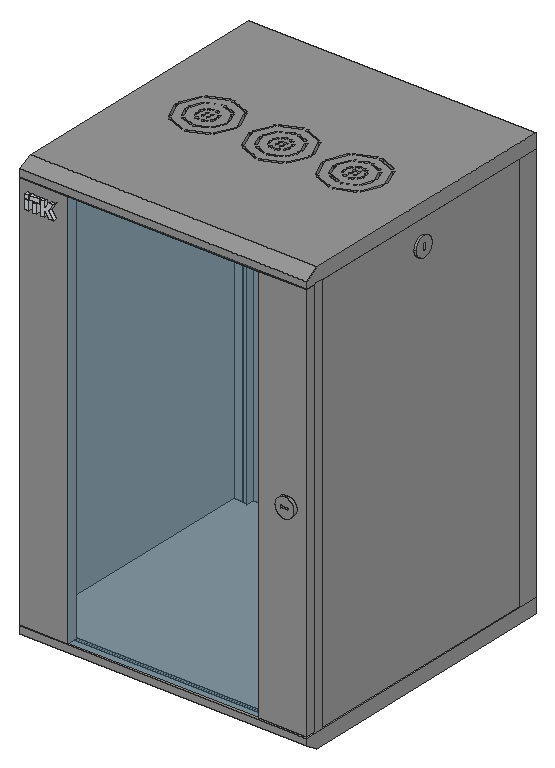
Revit family "Шкафы ITK серия W со стеклянной дверью", category Электрооборудование, Revit 2016
Family settings
  Тип детали = Другая панель
  Размер круглого соединителя = Использовать диаметр
  Номер OmniClass = 23.80.30.11.17
  Заголовок OmniClass = Distribution Boards and Control Panels
  На основе рабочей плоскости = Нет
  Всегда вертикально = Да
  При загрузке вырезать с полостями = Нет
  Общий = Нет
  Точка расчета площади = Нет
Parameters
  Ширина УГО = Ширина / 100  # 6 mm
  Ширина = 600 mm
  Степень защиты = "IP20"
  Смещение УГО по X [instance] = 1000 mm
  Описание = "Настенные шкафы ITK серии LINEA W используются для размещения компактного и не очень тяжелого 19-дюймового коммутационного оборудования и кроссов. Они предназначены для локальных сетей, разворачиваемых в условиях ограниченного пространства и не имеющих специально отведенных под нужды связи помещений. Помимо компактности, удобства размещения и обслуживания, шкафы LINEA W имеют эстетичный внешний вид, что играет немаловажную роль в таких системах.\r\n\r\nКонструктивные особенности настенных шкафов ITK позволяют обслуживать 19-дюймовое оборудование с трех сторон, надежно защищать его от посторонних, обеспечивать хорошую вентиляцию, заводить необходимые кабели и провода как сверху, так и снизу. За счет малого веса и габаритов шкафы LINEA W быстро и легко собираются/разбираются и транспортируются на новое место. Установка шкафов возможна на стене, на полу, на специальной тумбе или столе.\r\nЭргономичный дизайн и эстетичный внешний вид.\r\nСборка одним человеком за 10 минут.\r\nДоступ к оборудованию с трех сторон.\r\nМонтажные профили имеют разметку в юнитах (U).\r\nВвод кабеля сверху и снизу.\r\nХорошая естественная вентиляция, возможность установки вентиляторного модуля в крыше для улучшения температурных показателей.\r\nСтатическая нагрузка 60 кг.\r\nРасширенная базовая комплектация с L-образными уголками для установки оборудования.\r\nСовместимы с аксессуарами ITK для 19-дюймовых шкафов.\r\nЗанимает мало места при транспортировке.\r\nРасширенная гарантия до 10 лет."  # constant formula
  Материал = Окраска - RAL 9005
  Type Comments = ""
  Assembly Code = ""
  Изготовитель = "ITK"  # constant formula
  Засечка УГО = 1.2 mm
  Model = ""
  Глубина УГО = Глубина / 100  # 6 mm
  Глубина = 600 mm
  Высота = 905 mm
  Вид установки = "Настенный"
  URL = "http://www.itk-group.ru/produktsiya/catalog/?page=section&id=462"
  ADSK_Ток = ADSK_Номинальная мощность / (ADSK_Коэффициент мощности * ADSK_Напряжение * sqrt(ADSK_Количество фаз числовое))  # 0.00454545 A
  ADSK_Примечание = ""
  ADSK_Полная мощность = ADSK_Номинальная мощность / ADSK_Коэффициент мощности  # 1 VA
  ADSK_Позиция [instance] = ""
  ADSK_Номинальная мощность = 1 W
  ADSK_Напряжение = 220 V
  ADSK_Наименование краткое = "LWR5-18U66-GF"
  ADSK_Наименование = "ITK Шкаф LINEA W 18U 600x600 мм дверь стекло, RAL9005"
  ADSK_Масса = 0
  ADSK_Марка = "LWR5-18U66-GF"
  ADSK_Коэффициент мощности = 1
  ADSK_Количество фаз числовое = 1
  ADSK_Количество фаз = 1
  ADSK_Код изделия = ""
  ADSK_Классификация нагрузок = Прочее
  ADSK_Завод-изготовитель = "IEK"
  ADSK_Единица измерения = "шт"
  ADSK_Группирование = "I. ЩИТЫ И ПУЛЬТЫ"
Reference planes
  plane 1 "По центру (Вперед/Назад)": y = 0
  plane 2: z = 0
  plane 3 "По центру (Влево/Вправо)": x = 0
  plane 4: x = -300
  plane 5: x = 300
  plane 6: y = 300
  plane 7: y = -300
  plane 8: z = 905
  plane 9: z = 250
  plane 10: z = 50
  plane 11 "Смещение УГО по X": x = -1000
Forms (mm)
  Extrusion 1, solid, detail levels coarse+medium
    sketch origin (0, 0, 0) x (1, 0, 0) y (0, 1, 0)
      loop
        line (-300, 300) -> (-300, -300) -> (300, -300) -> (300, 300) -> (-300, 300)
    from 0 to 905 <- "Высота"
Lines and regions (mm)
  reference lines
    curve 1: line (0, 159.898, 0) -> (0, -160.102, 0)
Dimensions and locks
  equal spacing: plane 7, plane 1 "По центру (Вперед/Назад)", plane 6
  "Глубина": plane 7 to plane 6
  equal spacing: plane 4, plane 3 "По центру (Влево/Вправо)", plane 5
  "Ширина": plane 4 to plane 5
  "Высота": plane 8 to plane 2
  plane 11 "Смещение УГО по X" to plane 3 "По центру (Влево/Вправо)" = 1000 mm
  "Смещение УГО по X": plane 11 "Смещение УГО по X" to curve 1
  aligned and locked: level to plane 2
  aligned and locked: plane 1 "По центру (Вперед/Назад)" to nested 1
  aligned and locked: plane 3 "По центру (Влево/Вправо)" to nested 1
  aligned and locked: plane 3 "По центру (Влево/Вправо)" to nested 2
  aligned and locked: plane 1 "По центру (Вперед/Назад)" to nested 2
  aligned and locked: plane 1 "По центру (Вперед/Назад)" to nested 3
  aligned and locked: plane 3 "По центру (Влево/Вправо)" to nested 3
  aligned and locked: plane 1 "По центру (Вперед/Назад)" to nested 4
  aligned and locked: plane 3 "По центру (Влево/Вправо)" to nested 4
  aligned and locked: plane 1 "По центру (Вперед/Назад)" to nested 5
  aligned and locked: plane 3 "По центру (Влево/Вправо)" to nested 5
  aligned and locked: plane 1 "По центру (Вперед/Назад)" to nested 6
  aligned and locked: nested 6 to curve 1
  aligned and locked: Extrusion 1 sketch curve to plane 4
  aligned and locked: Extrusion 1 sketch curve to plane 6
  aligned and locked: plane 5 to Extrusion 1 sketch curve
  aligned and locked: plane 7 to Extrusion 1 sketch curve
Automatic sketch dimensions
  curve 1 to plane 7 = 139.898 mm
  curve 1 to plane 6 = 140.102 mm
Nested families
  nested 1: "Стойка_комплект 4шт" at (0, 0, 0), type "Стойка_комплект 4шт", detail levels fine
    with Высота 905 mm
  nested 2: "Панель боковая_2шт" at (0, 0, 0), type "Панель боковая_2шт", detail levels fine
    with Глубина 600 mm, Высота 905 mm
  nested 3: "Панель задняя" at (0, 0, 0), type "Панель задняя", detail levels fine
    with Высота 905 mm
  nested 4: "Основание_2шт" at (0, 0, 0), type "Основание_2шт", detail levels fine
    with Высота 905 mm
  nested 5: "Комплект двери стекляной" at (0, 0, 0), type "Комплект двери стекляной", detail levels fine
  nested 6: "УГО (одна дверь)" at (0, 0, 0), type "УГО (одна дверь)", detail levels coarse+medium
    with Глубина УГО 6 mm
Connectors
  electrical at (0, 300, 452.5), driven by "ADSK_Количество фаз", driven by "ADSK_Классификация нагрузок", driven by "ADSK_Напряжение", driven by "ADSK_Полная мощность", driven by "ADSK_Коэффициент мощности"
    settings: on nested 3, index 2, voltage 220 V, apparent load 0 VA, apparent load phase1 1 VA, apparent load phase2 0 VA, apparent load phase3 0 VA, power factor 1, load classification "Прочее", number of poles 1, system type 31, power factor state 1, is connector primary yes, connector utility no, sub classification motor no, connector description ""
Definition of nested family "Стойка_комплект 4шт"
  Parameters
    Ширина = 600 mm
    Материал = none
    Глубина = 600 mm
    Высота = 2200 mm
  Reference planes
    plane 1 "По центру (Вперед/Назад)": y = 0
    plane 2: z = 0
    plane 3 "По центру (Влево/Вправо)": x = 0
    plane 4: x = -300
    plane 5: x = 300
    plane 6: y = 300
    plane 7: y = -300
    plane 8: y = 260
    plane 9: y = -260
    plane 10: x = -260
    plane 11: x = 260
    plane 12: z = 2170
    plane 13: z = 30
    plane 14: z = 2200
  Forms (mm)
    Extrusion 1, solid, material <- "Материал"
      sketch origin (0, 0, 0) x (1, 0, 0) y (0, 1, 0)
        loop
          line (-300, -260) -> (-300, -280) -> (-245, -280) -> (-245, -260) -> (-260, -260) -> (-260, -245) -> (-270, -245) -> (-270, -260) -> (-300, -260)
        loop
          line (300, -260) -> (270, -260) -> (270, -245) -> (260, -245) -> (260, -260) -> (245, -260) -> (245, -280) -> (300, -280) -> (300, -260)
        loop
          line (300, 260) -> (300, 300) -> (260, 300) -> (260, 270) -> (245, 270) -> (245, 260) -> (260, 260) -> (260, 245) -> (270, 245) -> (270, 260) -> (300, 260)
        loop
          line (-300, 260) -> (-270, 260) -> (-270, 245) -> (-260, 245) -> (-260, 260) -> (-245, 260) -> (-245, 270) -> (-260, 270) -> (-260, 300) -> (-300, 300) -> (-300, 260)
        loop
          line (297, 297) -> (263, 297) -> (263, 267) -> (248, 267) -> (248, 263) -> (263, 263) -> (263, 248) -> (267, 248) -> (267, 263) -> (297, 263) -> (297, 297)
        loop
          line (-263, 297) -> (-297, 297) -> (-297, 263) -> (-267, 263) -> (-267, 248) -> (-263, 248) -> (-263, 263) -> (-248, 263) -> (-248, 267) -> (-263, 267) -> (-263, 297)
        loop
          line (-297, -263) -> (-297, -277) -> (-248, -277) -> (-248, -263) -> (-263, -263) -> (-263, -248) -> (-267, -248) -> (-267, -263) -> (-297, -263)
        loop
          line (297, -277) -> (297, -263) -> (267, -263) -> (267, -248) -> (263, -248) -> (263, -263) -> (248, -263) -> (248, -277) -> (297, -277)
      from 30 to 2170
  Dimensions and locks
    equal spacing: plane 7, plane 1 "По центру (Вперед/Назад)", plane 6
    equal spacing: plane 4, plane 3 "По центру (Влево/Вправо)", plane 5
    "Ширина": plane 4 to plane 5
    "Глубина": plane 7 to plane 6
    locked: plane 7 to plane 9 at 40
    locked: plane 6 to plane 8 at 40
    locked: plane 11 to plane 5 at 40
    locked: plane 4 to plane 10 at 40
    plane 14 to plane 12 = 30 mm
    plane 13 to plane 2 = 30 mm
    "Высота": plane 14 to plane 2
    aligned and locked: level to plane 2
    aligned and locked: plane 9 to Extrusion 1 sketch curve
    aligned and locked: plane 4 to Extrusion 1 sketch curve
    aligned and locked: plane 5 to Extrusion 1 sketch curve
    aligned and locked: plane 8 to Extrusion 1 sketch curve  (x2)
    aligned and locked: Extrusion 1 sketch curve to plane 11  (x2)
    aligned and locked: Extrusion 1 sketch curve to plane 6
    aligned and locked: plane 10 to Extrusion 1 sketch curve  (x2)
    aligned and locked: Extrusion 1 sketch curve to plane 8  (x2)
    aligned and locked: plane 6 to Extrusion 1 sketch curve
    aligned and locked: Extrusion 1 sketch curve to plane 4
    aligned and locked: Extrusion 1 sketch curve to plane 5
    aligned and locked: Extrusion 1 sketch curve to plane 9
    aligned and locked: plane 11 to Extrusion 1 sketch curve
    aligned and locked: plane 12 to Extrusion 1
    aligned and locked: Extrusion 1 to plane 13
  Automatic sketch dimensions
    Extrusion 1 sketch curve to plane 10 = 0 mm
    plane 9 to Extrusion 1 sketch curve = 0 mm  (x2)
    plane 4 to Extrusion 1 sketch curve = 3 mm  (x2)
    Extrusion 1 sketch curve to plane 10 = 10 mm  (x2)
    Extrusion 1 sketch curve to Extrusion 1 sketch curve = 3 mm  (x16)
    Extrusion 1 sketch curve to plane 10 = 3 mm  (x3)
    plane 10 to Extrusion 1 sketch curve = 12 mm  (x2)
    Extrusion 1 sketch curve to Extrusion 1 sketch curve = 15 mm  (x2)
    Extrusion 1 sketch curve to plane 11 = 3 mm  (x3)
    Extrusion 1 sketch curve to Extrusion 1 sketch curve = 4 mm  (x4)
    plane 5 to Extrusion 1 sketch curve = 3 mm  (x2)
    plane 9 to Extrusion 1 sketch curve = 3 mm  (x4)
    Extrusion 1 sketch curve to Extrusion 1 sketch curve = 14 mm  (x2)
    Extrusion 1 sketch curve to plane 9 = 12 mm  (x2)
    Extrusion 1 sketch curve to plane 8 = 15 mm  (x2)
    plane 8 to Extrusion 1 sketch curve = 3 mm  (x4)
    Extrusion 1 sketch curve to plane 6 = 3 mm  (x2)
Definition of nested family "Панель боковая_2шт"
  Parameters
    Ширина = 600 mm
    Материал = none
    Глубина = 450 mm
    Высота = 500 mm
  Reference planes
    plane 1 "По центру (Вперед/Назад)": y = 0
    plane 2: z = 0
    plane 3 "По центру (Влево/Вправо)": x = 0
    plane 4: x = -300
    plane 5: x = 300
    plane 6: y = 225
    plane 7: y = -225
    plane 8: y = 185
    plane 9: y = -185
    plane 10: x = -260
    plane 11: x = 260
    plane 12: z = 470
    plane 13: z = 30
    plane 14: z = 467
    plane 15: z = 33
    plane 16: z = 500
    plane 17: z = 420
  Forms (mm)
    Extrusion 1, solid, material <- "Материал"
      sketch origin (0, 0, 0) x (1, 0, 0) y (0, 1, 0)
        loop
          line (-300, 182) -> (-300, -182) -> (-269.98, -182) -> (-269.98, -172) -> (-289.98, -172) -> (-289.98, 172) -> (-270, 172) -> (-270, 182) -> (-300, 182)
        loop
          line (300, 182) -> (269.98, 182) -> (269.98, 172) -> (289.98, 172) -> (289.98, -172) -> (269.98, -172) -> (269.98, -182) -> (300, -182) -> (300, 182)
      from 33 to 467
  Dimensions and locks
    equal spacing: plane 7, plane 1 "По центру (Вперед/Назад)", plane 6
    equal spacing: plane 4, plane 3 "По центру (Влево/Вправо)", plane 5
    "Ширина": plane 4 to plane 5
    "Глубина": plane 7 to plane 6
    locked: plane 7 to plane 9 at 40
    locked: plane 6 to plane 8 at 40
    locked: plane 11 to plane 5 at 40
    locked: plane 4 to plane 10 at 40
    plane 12 to plane 14 = 3 mm
    plane 15 to plane 13 = 3 mm
    plane 16 to plane 12 = 30 mm
    plane 13 to plane 2 = 30 mm
    "Высота": plane 16 to plane 2
    plane 12 to plane 17 = 50 mm
    aligned and locked: level to plane 2
    aligned and locked: plane 4 to Extrusion 1 sketch curve
    aligned and locked: Extrusion 1 sketch curve to plane 5
    aligned and locked: plane 14 to Extrusion 1
    aligned and locked: Extrusion 1 to plane 15
    aligned and locked: nested 2 to plane 1 "По центру (Вперед/Назад)"
    aligned and locked: nested 2 to plane 17
    aligned and locked: nested 1 to plane 17
    aligned and locked: plane 1 "По центру (Вперед/Назад)" to nested 1
  Automatic sketch dimensions
    plane 4 to Extrusion 1 sketch curve = 10.02 mm
    Extrusion 1 sketch curve to plane 10 = 10 mm
    Extrusion 1 sketch curve to plane 10 = 9.98 mm
    Extrusion 1 sketch curve to plane 11 = 9.98 mm  (x2)
    plane 5 to Extrusion 1 sketch curve = 10.02 mm
    Extrusion 1 sketch curve to plane 9 = 13 mm  (x2)
    Extrusion 1 sketch curve to plane 8 = 13 mm  (x2)
    Extrusion 1 sketch curve to plane 9 = 3 mm  (x2)
    Extrusion 1 sketch curve to plane 8 = 3 mm  (x2)
  Nested families
    nested 1: "Замок" at (-300, 0, 420) x (0, -1, 0) z (-1, 0, 0), type "Замок"
    nested 2: "Замок" at (300, 0, 420) x (0, 1, 0) z (1, 0, 0), type "Замок"
  Definition of nested family "Замок"
    Parameters
      Default Elevation = 1219.2 mm
      Материал = none
    Reference planes
      plane 1 "По центру (Вперед/Назад)": y = 0
      plane 2: z = 0
      plane 3 "По центру (Влево/Вправо)": x = 0
    Forms (mm)
      Extrusion 1, solid
        sketch origin (0, 0, 0) x (1, 0, 0) y (0, 1, 0)
          loop
            line (-1219.2, 1219.2) -> (-1219.2, -1219.2) -> (1219.2, -1219.2) -> (1219.2, 1219.2) -> (-1219.2, 1219.2)
        from 0 to -304.8
      Extrusion 2, solid, material <- "Материал"
        sketch origin (0, 0, 0) x (1, 0, 0) y (0, 1, 0)
          loop
            circle (0, 0) r 20
          loop
            line (3, 8.219) -> (-3, 8.219) -> (-3, -8.219) -> (3, -8.219) -> (3, 8.219)
        from 0 to 7
    Dimensions and locks
      aligned and locked: plane 2 to Extrusion 1
      aligned and locked: level to Extrusion 1
Definition of nested family "Панель задняя"
  Parameters
    Ширина = 600 mm
    Материал = none
    Глубина = 600 mm
    Высота = 1800 mm
  Reference planes
    plane 1 "По центру (Вперед/Назад)": y = 0
    plane 2: z = 0
    plane 3 "По центру (Влево/Вправо)": x = 0
    plane 4: x = -300
    plane 5: x = 300
    plane 6: y = 300
    plane 7: y = -300
    plane 8: y = 260
    plane 9: y = -260
    plane 10: x = -260
    plane 11: x = 260
    plane 12: z = 1770
    plane 13: z = 30
    plane 14: z = 1767
    plane 15: z = 33
    plane 16: z = 1800
  Forms (mm)
    Extrusion 1, solid, material <- "Материал"
      sketch origin (0, 0, 0) x (1, 0, 0) y (0, 1, 0)
        loop
          line (-257, 300) -> (-257, 270) -> (-247, 270) -> (-247, 290) -> (247, 290) -> (247, 270) -> (257, 270) -> (257, 300) -> (-257, 300)
      from 33 to 1767
  Dimensions and locks
    equal spacing: plane 7, plane 1 "По центру (Вперед/Назад)", plane 6
    equal spacing: plane 4, plane 3 "По центру (Влево/Вправо)", plane 5
    "Ширина": plane 4 to plane 5
    "Глубина": plane 7 to plane 6
    locked: plane 7 to plane 9 at 40
    locked: plane 6 to plane 8 at 40
    locked: plane 11 to plane 5 at 40
    locked: plane 4 to plane 10 at 40
    plane 12 to plane 14 = 3 mm
    plane 15 to plane 13 = 3 mm
    plane 16 to plane 12 = 30 mm
    plane 13 to plane 2 = 30 mm
    "Высота": plane 16 to plane 2
    aligned and locked: level to plane 2
    aligned and locked: Extrusion 1 sketch curve to plane 6
    aligned and locked: plane 14 to Extrusion 1
    aligned and locked: Extrusion 1 to plane 15
  Automatic sketch dimensions
    plane 10 to Extrusion 1 sketch curve = 3 mm
    Extrusion 1 sketch curve to Extrusion 1 sketch curve = 10 mm
    plane 11 to Extrusion 1 sketch curve = 13 mm
    plane 11 to Extrusion 1 sketch curve = 3 mm
    Extrusion 1 sketch curve to plane 6 = 10 mm
    plane 8 to Extrusion 1 sketch curve = 10 mm  (x2)
Definition of nested family "Основание_2шт"
  Parameters
    Ширина = 600 mm
    Материал = none
    Глубина = 600 mm
    Высота = 1800 mm
  Reference planes
    plane 1 "По центру (Вперед/Назад)": y = 0
    plane 2: z = 0
    plane 3 "По центру (Влево/Вправо)": x = 0
    plane 4: x = -300
    plane 5: x = 300
    plane 6: y = 300
    plane 7: y = -300
    plane 8: y = 260
    plane 9: y = -260
    plane 10: x = -260
    plane 11: x = 260
    plane 12: z = 30
    plane 13: z = 1800
    plane 14: z = 1770
    plane 15: z = 1765
    plane 16: z = 35
    plane 17: z = 1790
  Forms (mm)
    Extrusion 1, solid, material <- "Материал"
      sketch origin (-1511.359, -1524, 1770) x (-1, 0, 0) y (0, -1, 0)
        loop
          line (-1771.359, -1769) -> (-1771.359, -1784) -> (-1756.359, -1784) -> (-1756.359, -1814) -> (-1266.359, -1814) -> (-1266.359, -1784) -> (-1251.359, -1784) -> (-1251.359, -1769) -> (-1221.359, -1769) -> (-1221.359, -1279) -> (-1251.359, -1279) -> (-1251.359, -1264) -> (-1266.359, -1264) -> (-1266.359, -1244) -> (-1756.359, -1244) -> (-1756.359, -1264) -> (-1771.359, -1264) -> (-1771.359, -1279) -> (-1801.359, -1279) -> (-1801.359, -1769) -> (-1771.359, -1769)
      from -5 to 0
    Extrusion 2, solid, material <- "Материал"
      sketch origin (-1511.359, -1524, 384.733) x (0, 1, 0) y (1, 0, 0)
        loop
          line (1769, 1771.359) -> (1769, 1801.359) -> (1279, 1801.359) -> (1279, 1771.359) -> (1264, 1771.359) -> (1264, 1756.359) -> (1244, 1756.359) -> (1244, 1266.359) -> (1264, 1266.359) -> (1264, 1251.359) -> (1279, 1251.359) -> (1279, 1221.359) -> (1769, 1221.359) -> (1769, 1251.359) -> (1784, 1251.359) -> (1784, 1266.359) -> (1814, 1266.359) -> (1814, 1756.359) -> (1784, 1756.359) -> (1784, 1771.359) -> (1769, 1771.359)
      from 349.733 to 354.733
    Extrusion 3, solid, material <- "Материал"
      sketch origin (0, 0, 0) x (0, 1, 0) y (0, 0, 1)
        loop
          line (300, 1800) -> (-273.75, 1800) -> (-300, 1783.75) -> (-300, 1770) -> (300, 1770) -> (300, 1800)
        loop
          line (300, 0) -> (300, 30) -> (-300, 30) -> (-300, 16.25) -> (-273.75, 0) -> (300, 0)
      from -300 to 300
    Extrusion 4, void
      sketch origin (-1511.359, -1524, 1770) x (0, -1, 0) y (-1, 0, 0)
        loop
          arc (-1537.563, -1297.269) -> (-1536.21, -1294.003) -> (-1539.476, -1292.65) r 2.5
          line (-1539.476, -1292.65) -> (-1574.71, -1307.244)
          arc (-1574.71, -1307.244) -> (-1576.063, -1310.511) -> (-1572.797, -1311.864) r 2.5
          line (-1572.797, -1311.864) -> (-1537.563, -1297.269)
        loop
          arc (-1578.515, -1317.582) -> (-1579.868, -1314.315) -> (-1583.134, -1315.668) r 2.5
          line (-1583.134, -1315.668) -> (-1597.729, -1350.902)
          arc (-1597.729, -1350.902) -> (-1596.376, -1354.169) -> (-1593.109, -1352.816) r 2.5
          line (-1593.109, -1352.816) -> (-1578.515, -1317.582)
        loop
          arc (-1593.109, -1360.902) -> (-1596.376, -1359.549) -> (-1597.729, -1362.816) r 2.5
          line (-1597.729, -1362.816) -> (-1583.134, -1398.05)
          arc (-1583.134, -1398.05) -> (-1579.868, -1399.403) -> (-1578.515, -1396.136) r 2.5
          line (-1578.515, -1396.136) -> (-1593.109, -1360.902)
        loop
          arc (-1539.476, -1421.068) -> (-1536.21, -1419.715) -> (-1537.563, -1416.449) r 2.5
          line (-1537.563, -1416.449) -> (-1572.797, -1401.854)
          arc (-1572.797, -1401.854) -> (-1576.063, -1403.207) -> (-1574.71, -1406.474) r 2.5
          line (-1574.71, -1406.474) -> (-1539.476, -1421.068)
        loop
          arc (-1492.329, -1406.474) -> (-1490.976, -1403.207) -> (-1494.242, -1401.854) r 2.5
          line (-1494.242, -1401.854) -> (-1529.476, -1416.449)
          arc (-1529.476, -1416.449) -> (-1530.829, -1419.715) -> (-1527.563, -1421.068) r 2.5
          line (-1527.563, -1421.068) -> (-1492.329, -1406.474)
        loop
          arc (-1469.31, -1362.816) -> (-1470.663, -1359.549) -> (-1473.93, -1360.902) r 2.5
          line (-1473.93, -1360.902) -> (-1488.524, -1396.136)
          arc (-1488.524, -1396.136) -> (-1487.171, -1399.403) -> (-1483.905, -1398.05) r 2.5
          line (-1483.905, -1398.05) -> (-1469.31, -1362.816)
        loop
          arc (-1483.905, -1315.668) -> (-1487.171, -1314.315) -> (-1488.524, -1317.582) r 2.5
          line (-1488.524, -1317.582) -> (-1473.93, -1352.816)
          arc (-1473.93, -1352.816) -> (-1470.663, -1354.169) -> (-1469.31, -1350.902) r 2.5
          line (-1469.31, -1350.902) -> (-1483.905, -1315.668)
        loop
          arc (-1527.563, -1292.65) -> (-1530.829, -1294.003) -> (-1529.476, -1297.269) r 2.5
          line (-1529.476, -1297.269) -> (-1494.242, -1311.864)
          arc (-1494.242, -1311.864) -> (-1490.976, -1310.511) -> (-1492.329, -1307.244) r 2.5
          line (-1492.329, -1307.244) -> (-1527.563, -1292.65)
        loop
          arc (-1527.563, -1314.298) -> (-1530.829, -1315.651) -> (-1529.476, -1318.917) r 2.5
          line (-1529.476, -1318.917) -> (-1509.549, -1327.171)
          arc (-1509.549, -1327.171) -> (-1506.283, -1325.818) -> (-1507.636, -1322.552) r 2.5
          line (-1507.636, -1322.552) -> (-1527.563, -1314.298)
        loop
          arc (-1537.563, -1318.917) -> (-1536.21, -1315.651) -> (-1539.476, -1314.298) r 2.5
          line (-1539.476, -1314.298) -> (-1559.403, -1322.552)
          arc (-1559.403, -1322.552) -> (-1560.756, -1325.818) -> (-1557.489, -1327.171) r 2.5
          line (-1557.489, -1327.171) -> (-1537.563, -1318.917)
        loop
          arc (-1563.208, -1332.889) -> (-1564.561, -1329.623) -> (-1567.827, -1330.976) r 2.5
          line (-1567.827, -1330.976) -> (-1576.081, -1350.902)
          arc (-1576.081, -1350.902) -> (-1574.728, -1354.169) -> (-1571.461, -1352.816) r 2.5
          line (-1571.461, -1352.816) -> (-1563.208, -1332.889)
        loop
          arc (-1571.461, -1360.902) -> (-1574.728, -1359.549) -> (-1576.081, -1362.816) r 2.5
          line (-1576.081, -1362.816) -> (-1567.827, -1382.743)
          arc (-1567.827, -1382.743) -> (-1564.561, -1384.095) -> (-1563.208, -1380.829) r 2.5
          line (-1563.208, -1380.829) -> (-1571.461, -1360.902)
        loop
          arc (-1557.489, -1386.547) -> (-1560.756, -1387.9) -> (-1559.403, -1391.167) r 2.5
          line (-1559.403, -1391.167) -> (-1539.476, -1399.42)
          arc (-1539.476, -1399.42) -> (-1536.21, -1398.067) -> (-1537.563, -1394.801) r 2.5
          line (-1537.563, -1394.801) -> (-1557.489, -1386.547)
        loop
          arc (-1529.476, -1394.801) -> (-1530.829, -1398.067) -> (-1527.563, -1399.42) r 2.5
          line (-1527.563, -1399.42) -> (-1507.636, -1391.167)
          arc (-1507.636, -1391.167) -> (-1506.283, -1387.9) -> (-1509.549, -1386.547) r 2.5
          line (-1509.549, -1386.547) -> (-1529.476, -1394.801)
        loop
          arc (-1503.831, -1380.829) -> (-1502.478, -1384.095) -> (-1499.212, -1382.743) r 2.5
          line (-1499.212, -1382.743) -> (-1490.958, -1362.816)
          arc (-1490.958, -1362.816) -> (-1492.311, -1359.549) -> (-1495.577, -1360.902) r 2.5
          line (-1495.577, -1360.902) -> (-1503.831, -1380.829)
        loop
          arc (-1495.577, -1352.816) -> (-1492.311, -1354.169) -> (-1490.958, -1350.902) r 2.5
          line (-1490.958, -1350.902) -> (-1499.212, -1330.976)
          arc (-1499.212, -1330.976) -> (-1502.478, -1329.623) -> (-1503.831, -1332.889) r 2.5
          line (-1503.831, -1332.889) -> (-1495.577, -1352.816)
        loop
          arc (-1514.519, -1346.283) -> (-1517.786, -1344.93) -> (-1519.139, -1348.196) r 2.5
          line (-1519.139, -1348.196) -> (-1517.225, -1352.816)
          arc (-1517.225, -1352.816) -> (-1513.959, -1354.169) -> (-1512.606, -1350.902) r 2.5
          line (-1512.606, -1350.902) -> (-1514.519, -1346.283)
        loop
          arc (-1554.433, -1350.902) -> (-1553.08, -1354.169) -> (-1549.814, -1352.816) r 2.5
          line (-1549.814, -1352.816) -> (-1547.9, -1348.196)
          arc (-1547.9, -1348.196) -> (-1549.253, -1344.93) -> (-1552.52, -1346.283) r 2.5
          line (-1552.52, -1346.283) -> (-1554.433, -1350.902)
        loop
          arc (-1552.52, -1367.435) -> (-1549.253, -1368.788) -> (-1547.9, -1365.522) r 2.5
          line (-1547.9, -1365.522) -> (-1549.814, -1360.902)
          arc (-1549.814, -1360.902) -> (-1553.08, -1359.549) -> (-1554.433, -1362.816) r 2.5
          line (-1554.433, -1362.816) -> (-1552.52, -1367.435)
        loop
          arc (-1539.476, -1377.773) -> (-1536.21, -1376.42) -> (-1537.563, -1373.153) r 2.5
          line (-1537.563, -1373.153) -> (-1542.182, -1371.24)
          arc (-1542.182, -1371.24) -> (-1545.449, -1372.593) -> (-1544.096, -1375.859) r 2.5
          line (-1544.096, -1375.859) -> (-1539.476, -1377.773)
        loop
          arc (-1522.943, -1375.859) -> (-1521.59, -1372.593) -> (-1524.857, -1371.24) r 2.5
          line (-1524.857, -1371.24) -> (-1529.476, -1373.153)
          arc (-1529.476, -1373.153) -> (-1530.829, -1376.42) -> (-1527.563, -1377.773) r 2.5
          line (-1527.563, -1377.773) -> (-1522.943, -1375.859)
        loop
          arc (-1512.606, -1362.816) -> (-1513.959, -1359.549) -> (-1517.225, -1360.902) r 2.5
          line (-1517.225, -1360.902) -> (-1519.139, -1365.522)
          arc (-1519.139, -1365.522) -> (-1517.786, -1368.788) -> (-1514.519, -1367.435) r 2.5
          line (-1514.519, -1367.435) -> (-1512.606, -1362.816)
        loop
          line (-1522.943, -1337.859) -> (-1527.563, -1335.945)
          arc (-1527.563, -1335.945) -> (-1530.829, -1337.298) -> (-1529.476, -1340.565) r 2.5
          line (-1529.476, -1340.565) -> (-1524.857, -1342.478)
          arc (-1524.857, -1342.478) -> (-1521.59, -1341.125) -> (-1522.943, -1337.859) r 2.5
        loop
          arc (-1537.563, -1340.565) -> (-1536.21, -1337.298) -> (-1539.476, -1335.945) r 2.5
          line (-1539.476, -1335.945) -> (-1544.096, -1337.859)
          arc (-1544.096, -1337.859) -> (-1545.449, -1341.125) -> (-1542.182, -1342.478) r 2.5
          line (-1542.182, -1342.478) -> (-1537.563, -1340.565)
        loop
          circle (-1538.519, -1351.859) r 2.75
        loop
          circle (-1538.519, -1361.859) r 2.75
        loop
          circle (-1528.519, -1361.859) r 2.75
        loop
          circle (-1528.519, -1351.859) r 2.75
        loop
          arc (-1537.563, -1451.769) -> (-1536.21, -1448.503) -> (-1539.476, -1447.15) r 2.5
          line (-1539.476, -1447.15) -> (-1574.71, -1461.744)
          arc (-1574.71, -1461.744) -> (-1576.063, -1465.011) -> (-1572.797, -1466.364) r 2.5
          line (-1572.797, -1466.364) -> (-1537.563, -1451.769)
        loop
          arc (-1578.515, -1472.082) -> (-1579.868, -1468.815) -> (-1583.134, -1470.168) r 2.5
          line (-1583.134, -1470.168) -> (-1597.729, -1505.402)
          arc (-1597.729, -1505.402) -> (-1596.376, -1508.669) -> (-1593.109, -1507.316) r 2.5
          line (-1593.109, -1507.316) -> (-1578.515, -1472.082)
        loop
          arc (-1593.109, -1515.402) -> (-1596.376, -1514.049) -> (-1597.729, -1517.316) r 2.5
          line (-1597.729, -1517.316) -> (-1583.134, -1552.55)
          arc (-1583.134, -1552.55) -> (-1579.868, -1553.903) -> (-1578.515, -1550.636) r 2.5
          line (-1578.515, -1550.636) -> (-1593.109, -1515.402)
        loop
          arc (-1539.476, -1575.568) -> (-1536.21, -1574.215) -> (-1537.563, -1570.949) r 2.5
          line (-1537.563, -1570.949) -> (-1572.797, -1556.354)
          arc (-1572.797, -1556.354) -> (-1576.063, -1557.707) -> (-1574.71, -1560.974) r 2.5
          line (-1574.71, -1560.974) -> (-1539.476, -1575.568)
        loop
          arc (-1492.329, -1560.974) -> (-1490.976, -1557.707) -> (-1494.242, -1556.354) r 2.5
          line (-1494.242, -1556.354) -> (-1529.476, -1570.949)
          arc (-1529.476, -1570.949) -> (-1530.829, -1574.215) -> (-1527.563, -1575.568) r 2.5
          line (-1527.563, -1575.568) -> (-1492.329, -1560.974)
        loop
          arc (-1469.31, -1517.316) -> (-1470.663, -1514.049) -> (-1473.93, -1515.402) r 2.5
          line (-1473.93, -1515.402) -> (-1488.524, -1550.636)
          arc (-1488.524, -1550.636) -> (-1487.171, -1553.903) -> (-1483.905, -1552.55) r 2.5
          line (-1483.905, -1552.55) -> (-1469.31, -1517.316)
        loop
          arc (-1483.905, -1470.168) -> (-1487.171, -1468.815) -> (-1488.524, -1472.082) r 2.5
          line (-1488.524, -1472.082) -> (-1473.93, -1507.316)
          arc (-1473.93, -1507.316) -> (-1470.663, -1508.669) -> (-1469.31, -1505.402) r 2.5
          line (-1469.31, -1505.402) -> (-1483.905, -1470.168)
        loop
          arc (-1527.563, -1447.15) -> (-1530.829, -1448.503) -> (-1529.476, -1451.769) r 2.5
          line (-1529.476, -1451.769) -> (-1494.242, -1466.364)
          arc (-1494.242, -1466.364) -> (-1490.976, -1465.011) -> (-1492.329, -1461.744) r 2.5
          line (-1492.329, -1461.744) -> (-1527.563, -1447.15)
        loop
          arc (-1527.563, -1468.798) -> (-1530.829, -1470.151) -> (-1529.476, -1473.417) r 2.5
          line (-1529.476, -1473.417) -> (-1509.549, -1481.671)
          arc (-1509.549, -1481.671) -> (-1506.283, -1480.318) -> (-1507.636, -1477.052) r 2.5
          line (-1507.636, -1477.052) -> (-1527.563, -1468.798)
        loop
          arc (-1537.563, -1473.417) -> (-1536.21, -1470.151) -> (-1539.476, -1468.798) r 2.5
          line (-1539.476, -1468.798) -> (-1559.403, -1477.052)
          arc (-1559.403, -1477.052) -> (-1560.756, -1480.318) -> (-1557.489, -1481.671) r 2.5
          line (-1557.489, -1481.671) -> (-1537.563, -1473.417)
        loop
          arc (-1563.208, -1487.389) -> (-1564.561, -1484.123) -> (-1567.827, -1485.476) r 2.5
          line (-1567.827, -1485.476) -> (-1576.081, -1505.402)
          arc (-1576.081, -1505.402) -> (-1574.728, -1508.669) -> (-1571.461, -1507.316) r 2.5
          line (-1571.461, -1507.316) -> (-1563.208, -1487.389)
        loop
          arc (-1571.461, -1515.402) -> (-1574.728, -1514.049) -> (-1576.081, -1517.316) r 2.5
          line (-1576.081, -1517.316) -> (-1567.827, -1537.243)
          arc (-1567.827, -1537.243) -> (-1564.561, -1538.595) -> (-1563.208, -1535.329) r 2.5
          line (-1563.208, -1535.329) -> (-1571.461, -1515.402)
        loop
          arc (-1557.489, -1541.047) -> (-1560.756, -1542.4) -> (-1559.403, -1545.667) r 2.5
          line (-1559.403, -1545.667) -> (-1539.476, -1553.92)
          arc (-1539.476, -1553.92) -> (-1536.21, -1552.567) -> (-1537.563, -1549.301) r 2.5
          line (-1537.563, -1549.301) -> (-1557.489, -1541.047)
        loop
          arc (-1529.476, -1549.301) -> (-1530.829, -1552.567) -> (-1527.563, -1553.92) r 2.5
          line (-1527.563, -1553.92) -> (-1507.636, -1545.667)
          arc (-1507.636, -1545.667) -> (-1506.283, -1542.4) -> (-1509.549, -1541.047) r 2.5
          line (-1509.549, -1541.047) -> (-1529.476, -1549.301)
        loop
          arc (-1503.831, -1535.329) -> (-1502.478, -1538.595) -> (-1499.212, -1537.243) r 2.5
          line (-1499.212, -1537.243) -> (-1490.958, -1517.316)
          arc (-1490.958, -1517.316) -> (-1492.311, -1514.049) -> (-1495.577, -1515.402) r 2.5
          line (-1495.577, -1515.402) -> (-1503.831, -1535.329)
        loop
          arc (-1495.577, -1507.316) -> (-1492.311, -1508.669) -> (-1490.958, -1505.402) r 2.5
          line (-1490.958, -1505.402) -> (-1499.212, -1485.476)
          arc (-1499.212, -1485.476) -> (-1502.478, -1484.123) -> (-1503.831, -1487.389) r 2.5
          line (-1503.831, -1487.389) -> (-1495.577, -1507.316)
        loop
          arc (-1514.519, -1500.783) -> (-1517.786, -1499.43) -> (-1519.139, -1502.696) r 2.5
          line (-1519.139, -1502.696) -> (-1517.225, -1507.316)
          arc (-1517.225, -1507.316) -> (-1513.959, -1508.669) -> (-1512.606, -1505.402) r 2.5
          line (-1512.606, -1505.402) -> (-1514.519, -1500.783)
        loop
          arc (-1554.433, -1505.402) -> (-1553.08, -1508.669) -> (-1549.814, -1507.316) r 2.5
          line (-1549.814, -1507.316) -> (-1547.9, -1502.696)
          arc (-1547.9, -1502.696) -> (-1549.253, -1499.43) -> (-1552.52, -1500.783) r 2.5
          line (-1552.52, -1500.783) -> (-1554.433, -1505.402)
        loop
          arc (-1552.52, -1521.935) -> (-1549.253, -1523.288) -> (-1547.9, -1520.022) r 2.5
          line (-1547.9, -1520.022) -> (-1549.814, -1515.402)
          arc (-1549.814, -1515.402) -> (-1553.08, -1514.049) -> (-1554.433, -1517.316) r 2.5
          line (-1554.433, -1517.316) -> (-1552.52, -1521.935)
        loop
          arc (-1539.476, -1532.273) -> (-1536.21, -1530.92) -> (-1537.563, -1527.653) r 2.5
          line (-1537.563, -1527.653) -> (-1542.182, -1525.74)
          arc (-1542.182, -1525.74) -> (-1545.449, -1527.093) -> (-1544.096, -1530.359) r 2.5
          line (-1544.096, -1530.359) -> (-1539.476, -1532.273)
        loop
          arc (-1522.943, -1530.359) -> (-1521.59, -1527.093) -> (-1524.857, -1525.74) r 2.5
          line (-1524.857, -1525.74) -> (-1529.476, -1527.653)
          arc (-1529.476, -1527.653) -> (-1530.829, -1530.92) -> (-1527.563, -1532.273) r 2.5
          line (-1527.563, -1532.273) -> (-1522.943, -1530.359)
        loop
          arc (-1512.606, -1517.316) -> (-1513.959, -1514.049) -> (-1517.225, -1515.402) r 2.5
          line (-1517.225, -1515.402) -> (-1519.139, -1520.022)
          arc (-1519.139, -1520.022) -> (-1517.786, -1523.288) -> (-1514.519, -1521.935) r 2.5
          line (-1514.519, -1521.935) -> (-1512.606, -1517.316)
        loop
          line (-1522.943, -1492.359) -> (-1527.563, -1490.445)
          arc (-1527.563, -1490.445) -> (-1530.829, -1491.798) -> (-1529.476, -1495.065) r 2.5
          line (-1529.476, -1495.065) -> (-1524.857, -1496.978)
          arc (-1524.857, -1496.978) -> (-1521.59, -1495.625) -> (-1522.943, -1492.359) r 2.5
        loop
          arc (-1537.563, -1495.065) -> (-1536.21, -1491.798) -> (-1539.476, -1490.445) r 2.5
          line (-1539.476, -1490.445) -> (-1544.096, -1492.359)
          arc (-1544.096, -1492.359) -> (-1545.449, -1495.625) -> (-1542.182, -1496.978) r 2.5
          line (-1542.182, -1496.978) -> (-1537.563, -1495.065)
        loop
          circle (-1538.519, -1506.359) r 2.75
        loop
          circle (-1538.519, -1516.359) r 2.75
        loop
          circle (-1528.519, -1516.359) r 2.75
        loop
          circle (-1528.519, -1506.359) r 2.75
        loop
          arc (-1537.563, -1606.269) -> (-1536.21, -1603.003) -> (-1539.476, -1601.65) r 2.5
          line (-1539.476, -1601.65) -> (-1574.71, -1616.244)
          arc (-1574.71, -1616.244) -> (-1576.063, -1619.511) -> (-1572.797, -1620.864) r 2.5
          line (-1572.797, -1620.864) -> (-1537.563, -1606.269)
        loop
          arc (-1578.515, -1626.582) -> (-1579.868, -1623.315) -> (-1583.134, -1624.668) r 2.5
          line (-1583.134, -1624.668) -> (-1597.729, -1659.902)
          arc (-1597.729, -1659.902) -> (-1596.376, -1663.169) -> (-1593.109, -1661.816) r 2.5
          line (-1593.109, -1661.816) -> (-1578.515, -1626.582)
        loop
          arc (-1593.109, -1669.902) -> (-1596.376, -1668.549) -> (-1597.729, -1671.816) r 2.5
          line (-1597.729, -1671.816) -> (-1583.134, -1707.05)
          arc (-1583.134, -1707.05) -> (-1579.868, -1708.403) -> (-1578.515, -1705.136) r 2.5
          line (-1578.515, -1705.136) -> (-1593.109, -1669.902)
        loop
          arc (-1539.476, -1730.068) -> (-1536.21, -1728.715) -> (-1537.563, -1725.449) r 2.5
          line (-1537.563, -1725.449) -> (-1572.797, -1710.854)
          arc (-1572.797, -1710.854) -> (-1576.063, -1712.207) -> (-1574.71, -1715.474) r 2.5
          line (-1574.71, -1715.474) -> (-1539.476, -1730.068)
        loop
          arc (-1492.329, -1715.474) -> (-1490.976, -1712.207) -> (-1494.242, -1710.854) r 2.5
          line (-1494.242, -1710.854) -> (-1529.476, -1725.449)
          arc (-1529.476, -1725.449) -> (-1530.829, -1728.715) -> (-1527.563, -1730.068) r 2.5
          line (-1527.563, -1730.068) -> (-1492.329, -1715.474)
        loop
          arc (-1469.31, -1671.816) -> (-1470.663, -1668.549) -> (-1473.93, -1669.902) r 2.5
          line (-1473.93, -1669.902) -> (-1488.524, -1705.136)
          arc (-1488.524, -1705.136) -> (-1487.171, -1708.403) -> (-1483.905, -1707.05) r 2.5
          line (-1483.905, -1707.05) -> (-1469.31, -1671.816)
        loop
          arc (-1483.905, -1624.668) -> (-1487.171, -1623.315) -> (-1488.524, -1626.582) r 2.5
          line (-1488.524, -1626.582) -> (-1473.93, -1661.816)
          arc (-1473.93, -1661.816) -> (-1470.663, -1663.169) -> (-1469.31, -1659.902) r 2.5
          line (-1469.31, -1659.902) -> (-1483.905, -1624.668)
        loop
          arc (-1527.563, -1601.65) -> (-1530.829, -1603.003) -> (-1529.476, -1606.269) r 2.5
          line (-1529.476, -1606.269) -> (-1494.242, -1620.864)
          arc (-1494.242, -1620.864) -> (-1490.976, -1619.511) -> (-1492.329, -1616.244) r 2.5
          line (-1492.329, -1616.244) -> (-1527.563, -1601.65)
        loop
          arc (-1527.563, -1623.298) -> (-1530.829, -1624.651) -> (-1529.476, -1627.917) r 2.5
          line (-1529.476, -1627.917) -> (-1509.549, -1636.171)
          arc (-1509.549, -1636.171) -> (-1506.283, -1634.818) -> (-1507.636, -1631.552) r 2.5
          line (-1507.636, -1631.552) -> (-1527.563, -1623.298)
        loop
          arc (-1537.563, -1627.917) -> (-1536.21, -1624.651) -> (-1539.476, -1623.298) r 2.5
          line (-1539.476, -1623.298) -> (-1559.403, -1631.552)
          arc (-1559.403, -1631.552) -> (-1560.756, -1634.818) -> (-1557.489, -1636.171) r 2.5
          line (-1557.489, -1636.171) -> (-1537.563, -1627.917)
        loop
          arc (-1563.208, -1641.889) -> (-1564.561, -1638.623) -> (-1567.827, -1639.976) r 2.5
          line (-1567.827, -1639.976) -> (-1576.081, -1659.902)
          arc (-1576.081, -1659.902) -> (-1574.728, -1663.169) -> (-1571.461, -1661.816) r 2.5
          line (-1571.461, -1661.816) -> (-1563.208, -1641.889)
        loop
          arc (-1571.461, -1669.902) -> (-1574.728, -1668.549) -> (-1576.081, -1671.816) r 2.5
          line (-1576.081, -1671.816) -> (-1567.827, -1691.743)
          arc (-1567.827, -1691.743) -> (-1564.561, -1693.095) -> (-1563.208, -1689.829) r 2.5
          line (-1563.208, -1689.829) -> (-1571.461, -1669.902)
        loop
          arc (-1557.489, -1695.547) -> (-1560.756, -1696.9) -> (-1559.403, -1700.167) r 2.5
          line (-1559.403, -1700.167) -> (-1539.476, -1708.42)
          arc (-1539.476, -1708.42) -> (-1536.21, -1707.067) -> (-1537.563, -1703.801) r 2.5
          line (-1537.563, -1703.801) -> (-1557.489, -1695.547)
        loop
          arc (-1529.476, -1703.801) -> (-1530.829, -1707.067) -> (-1527.563, -1708.42) r 2.5
          line (-1527.563, -1708.42) -> (-1507.636, -1700.167)
          arc (-1507.636, -1700.167) -> (-1506.283, -1696.9) -> (-1509.549, -1695.547) r 2.5
          line (-1509.549, -1695.547) -> (-1529.476, -1703.801)
        loop
          arc (-1503.831, -1689.829) -> (-1502.478, -1693.095) -> (-1499.212, -1691.743) r 2.5
          line (-1499.212, -1691.743) -> (-1490.958, -1671.816)
          arc (-1490.958, -1671.816) -> (-1492.311, -1668.549) -> (-1495.577, -1669.902) r 2.5
          line (-1495.577, -1669.902) -> (-1503.831, -1689.829)
        loop
          arc (-1495.577, -1661.816) -> (-1492.311, -1663.169) -> (-1490.958, -1659.902) r 2.5
          line (-1490.958, -1659.902) -> (-1499.212, -1639.976)
          arc (-1499.212, -1639.976) -> (-1502.478, -1638.623) -> (-1503.831, -1641.889) r 2.5
          line (-1503.831, -1641.889) -> (-1495.577, -1661.816)
        loop
          arc (-1514.519, -1655.283) -> (-1517.786, -1653.93) -> (-1519.139, -1657.196) r 2.5
          line (-1519.139, -1657.196) -> (-1517.225, -1661.816)
          arc (-1517.225, -1661.816) -> (-1513.959, -1663.169) -> (-1512.606, -1659.902) r 2.5
          line (-1512.606, -1659.902) -> (-1514.519, -1655.283)
        loop
          arc (-1554.433, -1659.902) -> (-1553.08, -1663.169) -> (-1549.814, -1661.816) r 2.5
          line (-1549.814, -1661.816) -> (-1547.9, -1657.196)
          arc (-1547.9, -1657.196) -> (-1549.253, -1653.93) -> (-1552.52, -1655.283) r 2.5
          line (-1552.52, -1655.283) -> (-1554.433, -1659.902)
        loop
          arc (-1552.52, -1676.435) -> (-1549.253, -1677.788) -> (-1547.9, -1674.522) r 2.5
          line (-1547.9, -1674.522) -> (-1549.814, -1669.902)
          arc (-1549.814, -1669.902) -> (-1553.08, -1668.549) -> (-1554.433, -1671.816) r 2.5
          line (-1554.433, -1671.816) -> (-1552.52, -1676.435)
        loop
          arc (-1539.476, -1686.773) -> (-1536.21, -1685.42) -> (-1537.563, -1682.153) r 2.5
          line (-1537.563, -1682.153) -> (-1542.182, -1680.24)
          arc (-1542.182, -1680.24) -> (-1545.449, -1681.593) -> (-1544.096, -1684.859) r 2.5
          line (-1544.096, -1684.859) -> (-1539.476, -1686.773)
        loop
          arc (-1522.943, -1684.859) -> (-1521.59, -1681.593) -> (-1524.857, -1680.24) r 2.5
          line (-1524.857, -1680.24) -> (-1529.476, -1682.153)
          arc (-1529.476, -1682.153) -> (-1530.829, -1685.42) -> (-1527.563, -1686.773) r 2.5
          line (-1527.563, -1686.773) -> (-1522.943, -1684.859)
        loop
          arc (-1512.606, -1671.816) -> (-1513.959, -1668.549) -> (-1517.225, -1669.902) r 2.5
          line (-1517.225, -1669.902) -> (-1519.139, -1674.522)
          arc (-1519.139, -1674.522) -> (-1517.786, -1677.788) -> (-1514.519, -1676.435) r 2.5
          line (-1514.519, -1676.435) -> (-1512.606, -1671.816)
        loop
          line (-1522.943, -1646.859) -> (-1527.563, -1644.945)
          arc (-1527.563, -1644.945) -> (-1530.829, -1646.298) -> (-1529.476, -1649.565) r 2.5
          line (-1529.476, -1649.565) -> (-1524.857, -1651.478)
          arc (-1524.857, -1651.478) -> (-1521.59, -1650.125) -> (-1522.943, -1646.859) r 2.5
        loop
          arc (-1537.563, -1649.565) -> (-1536.21, -1646.298) -> (-1539.476, -1644.945) r 2.5
          line (-1539.476, -1644.945) -> (-1544.096, -1646.859)
          arc (-1544.096, -1646.859) -> (-1545.449, -1650.125) -> (-1542.182, -1651.478) r 2.5
          line (-1542.182, -1651.478) -> (-1537.563, -1649.565)
        loop
          circle (-1538.519, -1660.859) r 2.75
        loop
          circle (-1538.519, -1670.859) r 2.75
        loop
          circle (-1528.519, -1670.859) r 2.75
        loop
          circle (-1528.519, -1660.859) r 2.75
      from -30 to -20
  Cuts and joins
    Extrusion 4 cuts Extrusion 1
    Extrusion 4 cuts Extrusion 3
  Dimensions and locks
    equal spacing: plane 7, plane 1 "По центру (Вперед/Назад)", plane 6
    equal spacing: plane 4, plane 3 "По центру (Влево/Вправо)", plane 5
    "Ширина": plane 4 to plane 5
    "Глубина": plane 7 to plane 6
    locked: plane 7 to plane 9 at 40
    locked: plane 6 to plane 8 at 40
    locked: plane 11 to plane 5 at 40
    locked: plane 4 to plane 10 at 40
    locked: plane 13 to plane 14 at 30
    locked: plane 14 to plane 15 at 5
    locked: plane 16 to plane 12 at 5
    locked: plane 12 to plane 2 at 30
    "Высота": plane 13 to plane 2
    locked: plane 13 to plane 17 at 10
    aligned and locked: level to plane 2
    aligned and locked: plane 9 to Extrusion 1 sketch curve
    aligned and locked: Extrusion 1 sketch curve to plane 9
    aligned and locked: Extrusion 1 sketch curve to plane 10
    aligned and locked: plane 11 to Extrusion 1 sketch curve
    aligned and locked: Extrusion 1 sketch curve to plane 11
    aligned and locked: plane 8 to Extrusion 1 sketch curve
    aligned and locked: Extrusion 1 sketch curve to plane 8
    aligned and locked: plane 10 to Extrusion 1 sketch curve
    aligned and locked: plane 14 to Extrusion 1
    aligned and locked: Extrusion 1 to plane 15
    aligned and locked: Extrusion 2 to plane 12
    aligned and locked: plane 16 to Extrusion 2
    aligned and locked: Extrusion 1 sketch curve to Extrusion 2
    aligned and locked: plane 13 to Extrusion 3 sketch curve
    aligned and locked: plane 6 to Extrusion 3 sketch curve  (x2)
    aligned and locked: Extrusion 3 sketch curve to plane 14
    aligned and locked: plane 7 to Extrusion 3 sketch curve  (x2)
    aligned and locked: plane 12 to Extrusion 3 sketch curve
    aligned and locked: Extrusion 3 sketch curve to plane 2
    aligned and locked: Extrusion 3 to plane 4
    aligned and locked: Extrusion 3 to plane 5
    aligned and locked: plane 13 to Extrusion 4
    aligned and locked: Extrusion 4 to plane 17
  Automatic sketch dimensions
    plane 5 to Extrusion 1 sketch curve = 10 mm
    Extrusion 1 sketch curve to Extrusion 1 sketch curve = 15 mm  (x2)
    plane 10 to Extrusion 1 sketch curve = 15 mm  (x2)
    plane 4 to Extrusion 1 sketch curve = 10 mm
    Extrusion 1 sketch curve to plane 6 = 10 mm
    Extrusion 1 sketch curve to plane 8 = 15 mm  (x2)
    Extrusion 1 sketch curve to plane 9 = 15 mm  (x2)
    plane 9 to Extrusion 2 sketch curve = 0 mm  (x2)
    Extrusion 2 sketch curve to plane 11 = 0 mm  (x2)
    Extrusion 2 sketch curve to plane 10 = 0 mm  (x2)
    Extrusion 2 sketch curve to plane 8 = 0 mm  (x2)
    Extrusion 2 sketch curve to plane 7 = 20 mm
    Extrusion 2 sketch curve to plane 9 = 15 mm  (x2)
    Extrusion 2 sketch curve to Extrusion 2 sketch curve = 15 mm  (x3)
    Extrusion 2 sketch curve to plane 8 = 15 mm
    Extrusion 2 sketch curve to plane 6 = 10 mm
    plane 5 to Extrusion 2 sketch curve = 10 mm
    plane 10 to Extrusion 2 sketch curve = 15 mm  (x2)
    plane 4 to Extrusion 2 sketch curve = 10 mm
    plane 9 to Extrusion 3 sketch curve = 13.75 mm  (x2)
    Extrusion 3 sketch curve to Extrusion 3 sketch curve = 13.75 mm
    plane 14 to Extrusion 3 sketch curve = 13.75 mm
    Extrusion 4 sketch curve to plane 1 "По центру (Вперед/Назад)" = 73.729 mm  (x3)
    plane 3 "По центру (Влево/Вправо)" to Extrusion 4 sketch curve = 5.957 mm  (x6)
    Extrusion 4 sketch curve to Extrusion 4 sketch curve = 0 mm  (x35)
    Extrusion 4 sketch curve to plane 3 "По центру (Влево/Вправо)" = 5.957 mm  (x6)
    Extrusion 4 sketch curve to Extrusion 4 sketch curve = 2.31 mm  (x215)
    Extrusion 4 sketch curve to plane 3 "По центру (Влево/Вправо)" = 4.043 mm  (x5)
    plane 3 "По центру (Влево/Вправо)" to Extrusion 4 sketch curve = 4.043 mm  (x6)
    Extrusion 4 sketch curve to Extrusion 4 sketch curve = 14.594 mm  (x10)
    Extrusion 4 sketch curve to plane 3 "По центру (Влево/Вправо)" = 39.277 mm
    plane 3 "По центру (Влево/Вправо)" to Extrusion 4 sketch curve = 39.277 mm
    Extrusion 4 sketch curve to Extrusion 4 sketch curve = 17.028 mm  (x23)
    Extrusion 4 sketch curve to Extrusion 4 sketch curve = 3.805 mm  (x31)
    Extrusion 4 sketch curve to Extrusion 4 sketch curve = 0.957 mm  (x190)
    Extrusion 4 sketch curve to Extrusion 4 sketch curve = 10.688 mm  (x11)
    plane 3 "По центру (Влево/Вправо)" to Extrusion 4 sketch curve = 23.97 mm
    Extrusion 4 sketch curve to plane 3 "По центру (Влево/Вправо)" = 23.97 mm
    Extrusion 4 sketch curve to plane 3 "По центру (Влево/Вправо)" = 10.576 mm
    Extrusion 4 sketch curve to Extrusion 4 sketch curve = 1.913 mm  (x24)
    plane 3 "По центру (Влево/Вправо)" to Extrusion 4 sketch curve = 10.576 mm
    plane 3 "По центру (Влево/Вправо)" to Extrusion 4 sketch curve = 8.663 mm
    Extrusion 4 sketch curve to plane 3 "По центру (Влево/Вправо)" = 8.663 mm
    Extrusion 4 sketch curve to plane 3 "По центру (Влево/Вправо)" = 14.381 mm
    Extrusion 4 sketch curve to plane 1 "По центру (Вперед/Назад)" = 15.476 mm  (x12)
    Extrusion 4 sketch curve to Extrusion 4 sketch curve = 4.619 mm  (x17)
    Extrusion 4 sketch curve to Extrusion 4 sketch curve = 3.663 mm  (x4)
    Extrusion 4 sketch curve to plane 3 "По центру (Влево/Вправо)" = 5 mm  (x2)
    Extrusion 4 sketch curve to plane 1 "По центру (Вперед/Назад)" = 5.476 mm  (x18)
    Extrusion 4 sketch curve to plane 1 "По центру (Вперед/Назад)" = 4.519 mm  (x6)
    Extrusion 4 sketch curve to plane 1 "По центру (Вперед/Назад)" = 0.857 mm  (x6)
    plane 1 "По центру (Вперед/Назад)" to Extrusion 4 sketch curve = 0.1 mm  (x6)
    plane 1 "По центру (Вперед/Назад)" to Extrusion 4 sketch curve = 1.057 mm  (x6)
    plane 1 "По центру (Вперед/Назад)" to Extrusion 4 sketch curve = 4.861 mm  (x6)
    plane 1 "По центру (Вперед/Назад)" to Extrusion 4 sketch curve = 14.451 mm  (x6)
    Extrusion 4 sketch curve to Extrusion 4 sketch curve = 5.718 mm  (x32)
    Extrusion 4 sketch curve to Extrusion 4 sketch curve = 13.394 mm  (x16)
    Extrusion 4 sketch curve to Extrusion 4 sketch curve = 33.321 mm
    Extrusion 4 sketch curve to Extrusion 4 sketch curve = 25.871 mm
    Extrusion 4 sketch curve to Extrusion 4 sketch curve = 26.081 mm  (x2)
    Extrusion 4 sketch curve to Extrusion 4 sketch curve = 19.927 mm  (x7)
    Extrusion 4 sketch curve to Extrusion 4 sketch curve = 8.087 mm  (x12)
    Extrusion 4 sketch curve to Extrusion 4 sketch curve = 10 mm  (x4)
    Extrusion 4 sketch curve to Extrusion 4 sketch curve = 10.337 mm
    Extrusion 4 sketch curve to Extrusion 4 sketch curve = 6.533 mm  (x2)
    plane 3 "По центру (Влево/Вправо)" to Extrusion 4 sketch curve = 5 mm  (x2)
    Extrusion 4 sketch curve to Extrusion 4 sketch curve = 9.381 mm
    radius of Extrusion 4 sketch curve = 2.75 mm  (x12)
Definition of nested family "Комплект двери стекляной"
  Parameters (values of type "Комплект двери стекляной")
    Ширина = 600 mm
    Материал = none
    Глубина = 600 mm
    Высота = 905 mm
  Reference planes
    plane 1 "По центру (Вперед/Назад)": y = 0
    plane 2: z = 0
    plane 3 "По центру (Влево/Вправо)": x = 0
    plane 4: x = -300
    plane 5: x = 300
    plane 6: y = 300
    plane 7: y = -300
    plane 8: y = 260
    plane 9: y = -260
    plane 10: x = -260
    plane 11: x = 260
    plane 12: z = 875
    plane 13: z = 30
    plane 14: z = 872
    plane 15: z = 33
    plane 16: z = 905
    plane 17: z = 452.5
    plane 18: x = -200
    plane 19: x = 200
    plane 20: z = 822
  Forms (mm)
    Extrusion 1, solid, material <- "Материал"
      sketch origin (0, 0, 0) x (1, 0, 0) y (0, 1, 0)
        loop
          line (-300, -300) -> (-200, -300) -> (-200, -280) -> (-235, -280) -> (-235, -265) -> (-245, -265) -> (-245, -280) -> (-300, -280) -> (-300, -300)
        loop
          line (300, -300) -> (300, -280) -> (245, -280) -> (245, -265) -> (235, -265) -> (235, -280) -> (200, -280) -> (200, -300) -> (300, -300)
      from 33 to 872
    Extrusion 2, solid
      sketch origin (0, 0, 0) x (1, 0, 0) y (0, 1, 0)
        loop
          line (-200, -280) -> (-200, -300) -> (200, -300) -> (200, -280) -> (-200, -280)
      from 33 to 872
  Dimensions and locks
    equal spacing: plane 7, plane 1 "По центру (Вперед/Назад)", plane 6
    equal spacing: plane 4, plane 3 "По центру (Влево/Вправо)", plane 5
    "Ширина": plane 4 to plane 5
    "Глубина": plane 7 to plane 6
    locked: plane 7 to plane 9 at 40
    locked: plane 6 to plane 8 at 40
    locked: plane 11 to plane 5 at 40
    locked: plane 4 to plane 10 at 40
    plane 12 to plane 14 = 3 mm
    plane 15 to plane 13 = 3 mm
    plane 16 to plane 12 = 30 mm
    locked: plane 4 to plane 18 at 100
    locked: plane 14 to plane 20 at 50
    plane 13 to plane 2 = 30 mm
    "Высота": plane 16 to plane 2
    equal spacing: plane 16, plane 17, plane 2
    locked: plane 19 to plane 5 at 100
    aligned and locked: level to plane 2
    aligned and locked: plane 14 to Extrusion 1
    aligned and locked: Extrusion 1 to plane 15
    aligned and locked: Extrusion 1 sketch curve to plane 19
    aligned and locked: Extrusion 2 sketch curve to Extrusion 1  (x4)
    aligned and locked: plane 14 to Extrusion 2
    aligned and locked: Extrusion 2 to plane 15
    aligned and locked: nested 1 to plane 20
    aligned and locked: plane 4 to Extrusion 1 sketch curve
    aligned and locked: Extrusion 1 sketch curve to plane 5
    aligned and locked: plane 10 to nested 1
    aligned and locked: plane 18 to Extrusion 1
    aligned and locked: plane 17 to nested 2
    aligned and locked: nested 2 to plane 11
  Automatic sketch dimensions
    plane 7 to Extrusion 1 sketch curve = 0 mm  (x2)
    Extrusion 1 sketch curve to plane 10 = 25 mm
    Extrusion 1 sketch curve to Extrusion 1 sketch curve = 10 mm  (x2)
    Extrusion 1 sketch curve to plane 11 = 25 mm
    plane 7 to Extrusion 1 sketch curve = 20 mm  (x3)
    Extrusion 1 sketch curve to plane 9 = 5 mm  (x2)
    Extrusion 1 sketch curve to Extrusion 1 sketch curve = 0 mm
    Extrusion 1 sketch curve to plane 18 = 0 mm
  Nested families
    nested 1: "Логотип" at (-260, -300, 822) x (1, 0, 0) z (0, -1, 0), type "Логотип"
    nested 2: "Замок" at (260, -300, 452.5) x (0, 0, 1) z (0, -1, 0), type "Замок"
  Definition of nested family "Логотип"
    Parameters
      Default Elevation = 1219.2 mm
      Материал = none
    Reference planes
      plane 1 "По центру (Вперед/Назад)": y = 0
      plane 2: z = 0
      plane 3 "По центру (Влево/Вправо)": x = 0
    Forms (mm)
      Extrusion 1, solid
        sketch origin (0, 0, 0) x (1, 0, 0) y (0, 1, 0)
          loop
            line (-1219.2, 1219.2) -> (-1219.2, -1219.2) -> (1219.2, -1219.2) -> (1219.2, 1219.2) -> (-1219.2, 1219.2)
        from 0 to -304.8
      Extrusion 2, solid, material <- "Материал"
        sketch origin (0, 0, 0) x (1, 0, 0) y (0, 1, 0)
          loop
            line (-24.198, 18.809) -> (-24.198, 0) -> (-15.975, 0) -> (-15.975, 18.809) -> (-24.198, 18.809)
          loop
            line (0.039, 18.809) -> (-7.705, 18.809) -> (-7.705, 0) -> (0.039, 0) -> (0.039, 18.809)
          loop
            line (-24.198, 21.431) -> (-15.975, 21.431) -> (-15.975, 29.41) -> (-24.198, 29.41) -> (-24.198, 21.431)
          loop
            line (8.482, 29.41) -> (8.482, 0) -> (16.233, 0) -> (16.233, 11.027) -> (19.197, 11.027) -> (26.358, 0) -> (35.802, 0) -> (25.102, 14.728) -> (35.802, 29.41) -> (26.358, 29.41) -> (19.197, 18.383) -> (16.233, 18.383) -> (16.233, 29.41) -> (8.482, 29.41)
          loop
            line (-13.581, 29.41) -> (-13.581, 21.431) -> (5.915, 21.431) -> (5.915, 29.41) -> (-13.581, 29.41)
        from 0 to 7
    Dimensions and locks
      aligned and locked: plane 2 to Extrusion 1
      aligned and locked: level to Extrusion 1
  Definition of nested family "Замок"
    Parameters
      Default Elevation = 1219.2 mm
      Материал = none
    Reference planes
      plane 1 "По центру (Вперед/Назад)": y = 0
      plane 2: z = 0
      plane 3 "По центру (Влево/Вправо)": x = 0
    Forms (mm)
      Extrusion 1, solid
        sketch origin (0, 0, 0) x (1, 0, 0) y (0, 1, 0)
          loop
            line (-1219.2, 1219.2) -> (-1219.2, -1219.2) -> (1219.2, -1219.2) -> (1219.2, 1219.2) -> (-1219.2, 1219.2)
        from 0 to -304.8
      Extrusion 2, solid, material <- "Материал"
        sketch origin (0, 0, 0) x (1, 0, 0) y (0, 1, 0)
          loop
            circle (0, 0) r 20
          loop
            line (3, 8.219) -> (-3, 8.219) -> (-3, -8.219) -> (3, -8.219) -> (3, 8.219)
        from 0 to 7
    Dimensions and locks
      aligned and locked: plane 2 to Extrusion 1
      aligned and locked: level to Extrusion 1
Definition of nested family "УГО (одна дверь)"
  Parameters (values of type "УГО (одна дверь)")
    Ширина УГО = 6 mm
    Засечка УГО = 1.2 mm
    Глубина УГО = 8 mm
  Reference planes
    plane 1: y = 0
    plane 2: x = 0
  Lines and regions (mm)
    detail lines
      curve 1: line (-3, 4, 0) -> (3, 4, 0)
      curve 2: line (-3, -4, 0) -> (-3, 4, 0)
      curve 3: line (3, -4, 0) -> (-3, -4, 0)
      curve 4: line (3, 4, 0) -> (3, -4, 0)
      curve 5: line (3, -4, 0) -> (3, -10, 0)
      curve 6: arc (-3, -4, 0) -> (-1.243, -8.243, 0) -> (3, -10, 0) r 6
      curve 7: line (3, -2.8, 0) -> (-3, -2.8, 0)
  Dimensions and locks
    equal spacing: curve 2, plane 2, curve 4
    "Ширина УГО": curve 2 to curve 4
    equal spacing: curve 1, plane 1, curve 3
    "Глубина УГО": curve 1 to curve 3
    "Ширина УГО": curve 3 to curve 5
    "Засечка УГО": curve 7 to curve 3
Types in the file's own list only (20): name | Ширина УГО | Ширина | Материал | Засечка УГО | Глубина УГО | Глубина | Высота | ADSK_Ток | ADSK_Полная мощность | ADSK_Номинальная мощность | ADSK_Напряжение | ADSK_Наименование краткое | ADSK_Наименование | ADSK_Марка
  LWR3-06U64-GF | 6 мм | 600 мм | Окраска - RAL 7035 | 1 мм | 5 мм | 450 мм | 372 мм | 0 А | 1 В·А | 1 Вт | 220 В | "LWR3-06U64-GF" | "ITK Шкаф LINEA W 6U 600x450 мм дверь стекло, RAL7035" | "LWR3-06U64-GF"
  LWR3-09U64-GF | 6 мм | 600 мм | Окраска - RAL 7035 | 1 мм | 5 мм | 450 мм | 505 мм | 0 А | 1 В·А | 1 Вт | 220 В | "LWR3-09U64-GF" | "ITK Шкаф LINEA W 9U 600x450 мм дверь стекло, RAL7035" | "LWR3-09U64-GF"
  LWR3-12U64-GF | 6 мм | 600 мм | Окраска - RAL 7035 | 1 мм | 5 мм | 450 мм | 638 мм | 0 А | 1 В·А | 1 Вт | 220 В | "LWR3-12U64-GF" | "ITK Шкаф LINEA W 12U 600x450 мм дверь стекло, RAL7035" | "LWR3-12U64-GF"
  LWR3-15U64-GF | 6 мм | 600 мм | Окраска - RAL 7035 | 1 мм | 5 мм | 450 мм | 770 мм | 0 А | 1 В·А | 1 Вт | 220 В | "LWR3-15U64-GF" | "ITK Шкаф LINEA W 15U 600x450 мм дверь стекло, RAL7035" | "LWR3-15U64-GF"
  LWR3-18U64-GF | 6 мм | 600 мм | Окраска - RAL 7035 | 1 мм | 5 мм | 450 мм | 905 мм | 0 А | 1 В·А | 1 Вт | 220 В | "LWR3-18U64-GF" | "ITK Шкаф LINEA W 18U 600x450 мм дверь стекло, RAL7035" | "LWR3-18U64-GF"
  LWR5-06U64-GF | 6 мм | 600 мм | Окраска - RAL 9005 | 1 мм | 5 мм | 450 мм | 372 мм | 0 А | 1 В·А | 1 Вт | 220 В | "LWR5-06U64-GF" | "ITK Шкаф LINEA W 6U 600x450 мм дверь стекло, RAL9005" | "LWR5-06U64-GF"
  LWR5-09U64-GF | 6 мм | 600 мм | Окраска - RAL 9005 | 1 мм | 5 мм | 450 мм | 505 мм | 0 А | 1 В·А | 1 Вт | 220 В | "LWR5-09U64-GF" | "ITK Шкаф LINEA W 9U 600x450 мм дверь стекло, RAL9005" | "LWR5-09U64-GF"
  LWR5-12U64-GF | 6 мм | 600 мм | Окраска - RAL 9005 | 1 мм | 5 мм | 450 мм | 638 мм | 0 А | 1 В·А | 1 Вт | 220 В | "LWR5-12U64-GF" | "ITK Шкаф LINEA W 12U 600x450 мм дверь стекло, RAL9005" | "LWR5-12U64-GF"
  LWR5-15U64-GF | 6 мм | 600 мм | Окраска - RAL 9005 | 1 мм | 5 мм | 450 мм | 770 мм | 0 А | 1 В·А | 1 Вт | 220 В | "LWR5-15U64-GF" | "ITK Шкаф LINEA W 15U 600x450 мм дверь стекло, RAL9005" | "LWR5-15U64-GF"
  LWR5-18U64-GF | 6 мм | 600 мм | Окраска - RAL 9005 | 1 мм | 5 мм | 450 мм | 905 мм | 0 А | 1 В·А | 1 Вт | 220 В | "LWR5-18U64-GF" | "ITK Шкаф LINEA W 18U 600x450 мм дверь стекло, RAL9005" | "LWR5-18U64-GF"
  LWR3-06U66-GF | 6 мм | 600 мм | Окраска - RAL 7035 | 1 мм | 6 мм | 600 мм | 372 мм | 0 А | 1 В·А | 1 Вт | 220 В | "LWR3-06U66-GF" | "ITK Шкаф LINEA W 6U 600x600 мм дверь стекло, RAL7035" | "LWR3-06U66-GF"
